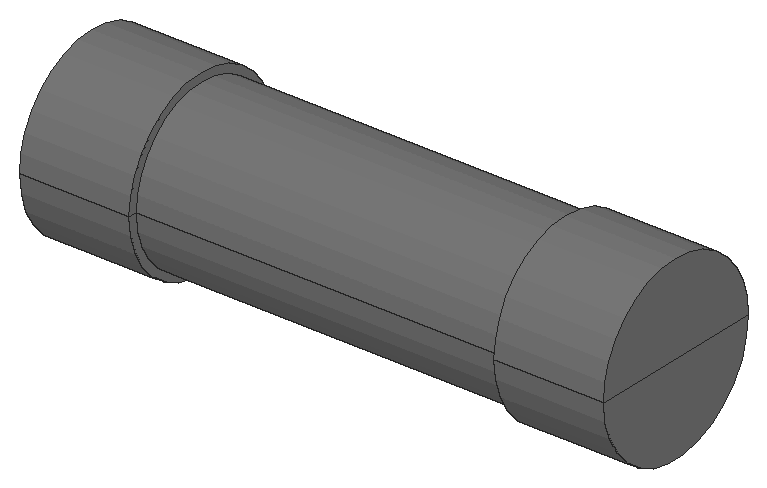
Revit family "Coupling-Expansion_Joint-Champion_Couplings-R1900-NH_Series", category Pipe Fittings, Revit 2014
Parameters (values of type "R1902-NH")
  Width B = Width A  # 2.200"
  Width A = Pipe Connection Diameter * 1.1  # 2.200"
  Waste Connection = no
  Warranty Information = "1 Year Warranty"  # constant formula
  Vent Connection = no
  URL = "http://www.mifab.com"
  Tick Size = Width A * 0.4  # 0.880"
  Standard Listings & Approval = "CSA Approved, U.P.C. Approved"  # constant formula
  Product Page URL = "http://www.mifab.com/Catalog/No_Hub_Couplings/R1900NH_EXPANSION_JOINTS.html"
  Product Documentation Link = "http://www.mifab.com/Catalog/Library/R1900-NH-spec_sheet.pdf"
  Price = "Prices may vary. Please consult Manufacturer Representative for most up-to-date price list."  # constant formula
  Pipe Size Description = "2\" x 2\""
  Pipe Connection Diameter = 2.000"
  Model = "R1900-NH"
  Material = "Synthetic Rubber-Champion Couplings-Neoprene"  # constant formula
  Manufacturer = "Champion Couplings"  # constant formula
  List Price (Each Piece) = 16.75
  Height = 7.125"
  HW Connection = no
  Description = "MIFAB® Series of R1900-NH neoprene expansion joints are manufactured with Type 300 stainless steel clamps\r\noperated by Type 300 5/16” screws."  # constant formula
  Creation Date = "\"2/17/2016\""
  CW Connection = yes
  Assembly Code = "D2090800"
Types (6): name | Width B | Width A | Tick Size | Pipe Size Description | Pipe Connection Diameter | List Price (Each Piece) | Height
  (no name) | 2.200" | 2.200" | 0.880" | "2\" x 2\"" | 2.000" | 16.75 | 7.125"
  R1902-NH | 2.200" | 2.200" | 0.880" | "2\" x 2\"" | 2.000" | 16.75 | 7.125"
  R1903-NH | 3.300" | 3.300" | 1.320" | "3\" x 3\"" | 3.000" | 18 | 8.125"
  R1904-NH | 4.400" | 4.400" | 1.760" | "4\" x 4\"" | 4.000" | 22.75 | 8.625"
  R1906-NH | 6.600" | 6.600" | 2.640" | "6\" x 6\"" | 6.000" | 30 | 8.625"
  R1908-NH | 8.800" | 8.800" | 3.520" | "8\" x 8\"" | 8.000" | 50 | 11.000"
Reference planes (in)
  plane 1 "Center (Front/Back)": y = 0
  plane 2: z = 0
  plane 3 "Center (Left/Right)": x = 0
  plane 4: x = -3.5625
  plane 5: x = 3.5625
  plane 6: y = 1.1
  plane 7: y = -1.1
  plane 8: x = -1.78125
  plane 9: x = -2.67187
  plane 10: x = -2.22656
  plane 11: x = 1.78125
  plane 12: x = 2.67188
  plane 13: x = 2.22656
  plane 14: y = 1
  plane 15: y = -1
Forms (in)
  Revolve 1, solid, material "Synthetic Rubber-Champion Couplings-Neoprene"
    sketch origin (0, 0, 0) x (1, 0, 0) y (0, 1, 0)
      loop
        line (-3.5625, 1.1) -> (-3.5625, 0) -> (3.5625, 0) -> (3.5625, 1.1) -> (2.22656, 1.1) -> (2.22656, 1) -> (-2.22656, 1) -> (-2.22656, 1.1) -> (-3.5625, 1.1)
      axis (3.5625, 0) -> (-3.5625, 0)
    angle from 0 to 360
Lines and regions (in)
  Masking region 1, detail levels fine
    outline origin (0, 0, 0) x (1, 0, 0) y (0, 1, 0)
      loop
        line (-3.5625, 1.1) -> (-3.5625, -1.1) -> (-2.22656, -1.1) -> (-2.22656, -1) -> (2.22656, -1) -> (2.22656, -1.1) -> (3.5625, -1.1) -> (3.5625, 1.1) -> (2.22656, 1.1) -> (2.22656, 1) -> (-2.22656, 1) -> (-2.22656, 1.1) -> (-3.5625, 1.1)
  symbolic lines, detail levels fine
    curve 1: line (-2.22656, 1.1, 0) -> (-2.22656, -1.1, 0)
    curve 2: line (2.22656, 1.1, 0) -> (2.22656, -1.1, 0)
  model lines, detail levels coarse+medium
    curve 3: line (-3.5625, 0.88, 0) -> (-3.5625, -0.88, 0)
    curve 4: line (3.5625, 0.88, 0) -> (3.5625, -0.88, 0)
    curve 5: line (3.5625, 0.0036, 0) -> (-3.5625, 0.0036, 0)
Dimensions and locks (in)
  "Height": plane 4 to plane 5
  equal spacing: plane 4, plane 3 "Center (Left/Right)", plane 5
  "Width A": plane 6 to plane 7
  equal spacing: plane 6, plane 1 "Center (Front/Back)", plane 7
  equal spacing: plane 4, plane 8, plane 3 "Center (Left/Right)"
  equal spacing: plane 4, plane 9, plane 8
  equal spacing: plane 9, plane 10, plane 8
  equal spacing: plane 5, plane 12, plane 11
  equal spacing: plane 12, plane 13, plane 11
  equal spacing: plane 3 "Center (Left/Right)", plane 11, plane 5
  "Pipe Connection Diameter": plane 14 to plane 15
  equal spacing: plane 14, plane 1 "Center (Front/Back)", plane 15
  "Pipe Connection Diameter": Masking region 1 sketch curve to Masking region 1 sketch curve
  equal spacing: Masking region 1 sketch curve, plane 1 "Center (Front/Back)", Masking region 1 sketch curve
  "Tick Size": plane 1 "Center (Front/Back)" to curve 3
  "Tick Size": curve 3 to plane 1 "Center (Front/Back)"
  "Tick Size": plane 1 "Center (Front/Back)" to curve 4
  "Tick Size": curve 4 to plane 1 "Center (Front/Back)"
  aligned and locked: Revolve 1 sketch curve to plane 4
  aligned and locked: plane 6 to Revolve 1 sketch curve  (x2)
  aligned and locked: Revolve 1 sketch curve to plane 5
  aligned and locked: plane 13 to Revolve 1 sketch curve
  aligned and locked: plane 10 to Revolve 1 sketch curve
  aligned and locked: plane 14 to Revolve 1 sketch curve
  aligned and locked: Masking region 1 sketch curve to plane 6
  aligned and locked: Masking region 1 sketch curve to Revolve 1
  aligned and locked: plane 7 to Masking region 1 sketch curve
  aligned and locked: plane 6 to Masking region 1 sketch curve
  aligned and locked: Masking region 1 sketch curve to plane 5
  aligned and locked: Masking region 1 sketch curve to plane 7
  aligned and locked: Masking region 1 sketch curve to plane 10  (x2)
  aligned and locked: plane 13 to Masking region 1 sketch curve  (x2)
  aligned and locked: curve 1 to Revolve 1
  aligned and locked: curve 2 to Revolve 1
  aligned and locked: curve 3 to plane 4
  aligned and locked: plane 5 to curve 4
Automatic sketch dimensions
  curve 2 to plane 7 = 0.000"
  curve 1 to plane 7 = 0.000"
  curve 2 to plane 6 = 0.000"
  curve 1 to plane 6 = 0.000"
  curve 5 to plane 1 "Center (Front/Back)" = 0.0036"
  plane 1 "Center (Front/Back)" to Revolve 1 sketch curve = 0.000"  (x2)
  Revolve 1 sketch curve to plane 4 = 1.500"
  Revolve 1 sketch curve to Revolve 1 sketch curve = 1.250"
Connectors (in)
  piping at (3.5625, 0, 0), diameter 2, driven by "Pipe Connection Diameter"
    settings: on Revolve 1, index 1, connector inside diameter 24", connector length 0.000", flow factor 0, pipe flow 0 GPM, pressure drop 0.00 psi, fitting loss kfactor 0, connector angle 0.00°, fixture units 0, engagement length 0.000", angle of deflection 0.00°, flow configuration 0, flow direction 0, fitting loss method 0, system type 28, joint type 0, gender type 0, connector reference index -1, connector utility 0, adjustable connector no, is connector primary yes, connector description ""
  piping at (-3.5625, 0, 0), diameter 2, driven by "Pipe Connection Diameter"
    settings: on Revolve 1, index 2, connector inside diameter 24", connector length 0.000", flow factor 0, pipe flow 0 GPM, pressure drop 0.00 psi, fitting loss kfactor 0, connector angle 0.00°, fixture units 0, engagement length 0.000", angle of deflection 0.00°, flow configuration 0, flow direction 0, fitting loss method 0, system type 28, joint type 0, gender type 0, connector reference index -1, connector utility 0, adjustable connector no, is connector primary no, connector description ""
